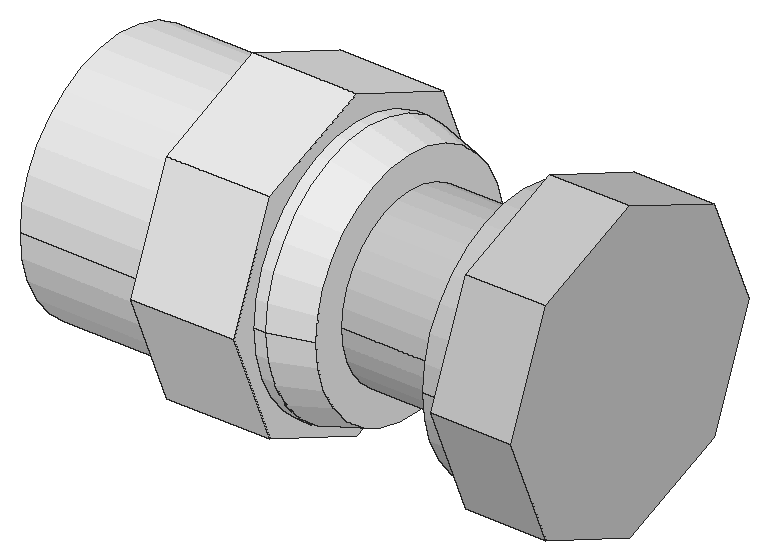
Revit family "PF_Соединение [фитинг полипропиленовый с накидной гайкой для перехода на «конус» VTp.708.K] - VALTEC", category Соединительные детали трубопроводов, Revit 2019
Family settings
  Размер круглого соединителя = Использовать диаметр
  Тип детали = Соединение
  На основе рабочей плоскости = Нет
  Всегда вертикально = Да
  При загрузке вырезать с полостями = Нет
  Общий = Нет
Parameters (values of type "VTp.708.K")
  Таблица = "PF_Соединение [фитинг полипропиленовый с накидной гайкой для перехода на «конус» VTp.708.K] - VALTEC"  # constant formula
  built-in parameter 1114238 [instance] = (empty or 0)
  Отразить [instance] = no
  Материал доп.1 = Сталь, нержавеющая - VALTEC
  Manufacturer = ""
  n [instance] = if(Отразить, 1 mm, 0 mm)  # 0 mm
  l7 [instance] = size_lookup(Таблица, "l7", 0 mm, n, d)  # 50 mm
  l6 [instance] = size_lookup(Таблица, "l6", 0 mm, n, d)  # 47 mm
  l5 [instance] = size_lookup(Таблица, "l5", 0 mm, n, d)  # 33.7 mm
  l4 [instance] = size_lookup(Таблица, "l4", 0 mm, n, d)  # 29 mm
  l3 [instance] = size_lookup(Таблица, "l3", 0 mm, n, d)  # 27.5 mm
  l2 [instance] = size_lookup(Таблица, "l2", 0 mm, n, d)  # 15.5 mm
  l1 [instance] = size_lookup(Таблица, "l1", 0 mm, n, d)  # 0 mm
  x2 [instance] = if(Отразить, dn2, 1 mm)  # 1 mm
  dn8 [instance] = size_lookup(Таблица, "dn8", 0 mm, n, d)  # 31.9 mm
  dn7 [instance] = size_lookup(Таблица, "dn7", 0 mm, n, d)  # 29.5 mm
  dn6 [instance] = size_lookup(Таблица, "dn6", 0 mm, n, d)  # 20 mm
  dn5 [instance] = size_lookup(Таблица, "dn5", 0 mm, n, d)  # 27.3 mm
  dn4 [instance] = size_lookup(Таблица, "dn4", 0 mm, n, d)  # 30 mm
  dn3 [instance] = size_lookup(Таблица, "dn3", 0 mm, n, d)  # 30 mm
  dn2 [instance] = size_lookup(Таблица, "dn2", 0 mm, n, d)  # 33 mm
  x1 [instance] = if(Отразить, 1 mm, dn2)  # 33 mm
  dn1 [instance] = size_lookup(Таблица, "dn1", 0 mm, n, d)  # 29 mm
  d [instance] = 20 mm
  a7 [instance] = size_lookup(Таблица, "a7", 0 mm, n, d)  # 9.3 mm
  a6 [instance] = size_lookup(Таблица, "a6", 0 mm, n, d)  # 3 mm
  a5 [instance] = size_lookup(Таблица, "a5", 0 mm, n, d)  # 13.3 mm
  a4 [instance] = size_lookup(Таблица, "a4", 0 mm, n, d)  # 4.7 mm
  a3 [instance] = size_lookup(Таблица, "a3", 0 mm, n, d)  # 1.5 mm
  a2 [instance] = size_lookup(Таблица, "a2", 0 mm, n, d)  # 12 mm
  a1 [instance] = size_lookup(Таблица, "a1", 0 mm, n, d)  # 15.2 mm
  URL = "https://valtec.ru/"
  B [instance] = size_lookup(Таблица, "B", 0 mm, n, d)  # 15.2 mm
  ADSK_Примечание [instance] = ""
  ADSK_Позиция [instance] = ""
  ADSK_Обозначение [instance] = "VTp.708.K"  # constant formula
  ADSK_Наименование [instance] = size_lookup(Таблица, "", "Данный типоразмер отсутствует", n, d)  # "Фитинг полипропиленовый с накидной гайкой для перехода на «конус», 20х3/4\""
  ADSK_Материал = Полипропилен - RGB 255 255 255
  ADSK_Масса [instance] = size_lookup(Таблица, "Масса", 0, n, d)  # 0.05
  ADSK_Марка [instance] = size_lookup(Таблица, "Маркировка", "Данный типоразмер отсутствует", n, d)  # "20х3/4\""
  ADSK_Код изделия [instance] = size_lookup(Таблица, "Код продукта", "Данный типоразмер отсутствует", n, d)  # "VTp.708.K.02004"
  ADSK_Завод-изготовитель [instance] = "VALTEC"  # constant formula
  ADSK_Единица измерения [instance] = "шт."  # constant formula
  ADSK_URL страницы изделия = "https://valtec.ru/catalog/sistemy_polipropilenovyh_truboprovodov/polipropilenovye_fitingi/fiting_polipropilenovyj_s_nakidnoj_gajkoj_dlya_perehoda_na_konus.html"
  ADSK_URL документации изделия = "https://valtec.ru/document/technical/VTp.700-fitingi-0419.pdf"
  A [instance] = size_lookup(Таблица, "A", 0 mm, n, d)  # 59 mm
Reference planes
  plane 1 "По центру (Вперед/Назад)": y = 0
  plane 2: z = 0
  plane 3 "По центру (Влево/Вправо)": x = 0
  plane 4: x = -29.5
  plane 5: x = 29.5
  plane 6: y = -16.5
  plane 7: y = 16.5
  plane 8: y = -0.5
  plane 9: y = 0.5
  plane 10: x = -29.5
  plane 11: x = -14.3
  plane 12: x = -14
  plane 13: x = -2
  plane 14: x = -2
  plane 15: x = -0.5
  plane 16: x = -0.5
  plane 17: x = 4.2
  plane 18: x = 4.2
  plane 19: x = 17.5
  plane 20: x = 17.5
  plane 21: x = 20.5
  plane 22: x = 20.5
  plane 23: x = 29.8
Forms (mm)
  Extrusion 1, solid, material "Полипропилен - RGB 255 255 255" <- "ADSK_Материал", detail levels medium+fine
    sketch origin (0, 0, 0) x (0, 1, 0) y (0, 0, 1)
      loop
        circle (0, 0) r 14.5
    from -29.5 to -14.3
  Extrusion 2, solid, material "Полипропилен - RGB 255 255 255" <- "ADSK_Материал", detail levels medium+fine
    sketch origin (0, 0, 0) x (0, 1, 0) y (0, 0, 1)
      loop
        circle (0, 0) r 15
    from -2 to -0.5
  Blend 3, solid, material "Полипропилен - RGB 255 255 255" <- "ADSK_Материал", detail levels medium+fine
    base sketch origin (0, 0, 0) x (0, 1, 0) y (0, 0, 1)
      loop
        circle (0, 0) r 15
    top sketch origin (0, 0, 0) x (0, 1, 0) y (0, 0, 1)
      loop
        circle (0, 0) r 13.65
    from -0.5 to 4.2
  Extrusion 4, solid, material "Сталь, нержавеющая - VALTEC" <- "Материал доп.1", detail levels medium+fine
    sketch origin (0, 0, 0) x (0, 1, 0) y (0, 0, 1)
      loop
        circle (0, 0) r 10
    from 4.2 to 17.5
  Extrusion 5, solid, material "Сталь, нержавеющая - VALTEC" <- "Материал доп.1", detail levels medium+fine
    sketch origin (0, 0, 0) x (0, 1, 0) y (0, 0, 1)
      loop
        circle (0, 0) r 14.75
    from 17.5 to 20.5
Cuts and joins
  joined: Extrusion 4, Extrusion 5
  joined: Extrusion 1, Extrusion 2, Blend 3
Lines and regions (mm)
  model lines, detail levels coarse
    curve 1: line (-29.5, 16.5, 0) -> (-29.5, -16.5, 0)
    curve 2: line (29.5, 0.5, 0) -> (29.5, -0.5, 0)
    curve 3: line (29.5, 0.5, 0) -> (-29.5, 16.5, 0)
    curve 4: line (-29.5, -16.5, 0) -> (29.5, -0.5, 0)
  reference lines
    curve 5: line (29.5, 0, 0) -> (-29.5, 0, 0)
Dimensions and locks
  equal spacing: plane 4, plane 3 "По центру (Влево/Вправо)", plane 5
  "A": plane 4 to plane 5
  equal spacing: plane 7, plane 1 "По центру (Вперед/Назад)", plane 6
  "x1": plane 7 to plane 6
  equal spacing: plane 8, plane 1 "По центру (Вперед/Назад)", plane 9
  "x2": plane 8 to plane 9
  "a1": plane 10 to plane 11
  "a2": plane 12 to plane 13
  "a3": plane 14 to plane 15
  "a4": plane 16 to plane 17
  "a5": plane 18 to plane 19
  "a6": plane 20 to plane 21
  "a7": plane 22 to plane 23
  "l1": plane 4 to plane 10
  "l2": plane 4 to plane 12
  "l3": plane 4 to plane 14
  "l4": plane 4 to plane 16
  "l5": plane 4 to plane 18
  "l6": plane 4 to plane 20
  "l7": plane 4 to plane 22
  "dn1": diameter of Extrusion 1 sketch curve
  "dn3": diameter of Extrusion 2 sketch curve
  "dn4": diameter of Blend 3 sketch curve
  "dn5": diameter of Blend 3 sketch curve
  "dn6": diameter of Extrusion 4 sketch curve
  "dn7": diameter of Extrusion 5 sketch curve
  aligned and locked: level to plane 2
  aligned and locked: plane 5 to curve 3
  aligned and locked: plane 9 to curve 2
  aligned and locked: plane 8 to curve 2
  aligned and locked: plane 4 to curve 4
  aligned and locked: plane 7 to curve 3
  aligned and locked: plane 6 to curve 1
  aligned and locked: curve 1 to plane 4
  aligned and locked: curve 5 to plane 1 "По центру (Вперед/Назад)"
  aligned and locked: plane 4 to curve 5
  aligned and locked: plane 5 to curve 5
  aligned and locked: plane 1 "По центру (Вперед/Назад)" to nested 1
  aligned and locked: plane 1 "По центру (Вперед/Назад)" to nested 2
  aligned and locked: plane 12 to nested 1
  aligned and locked: plane 22 to nested 2
  aligned and locked: level to Extrusion 1 sketch curve
  aligned and locked: plane 1 "По центру (Вперед/Назад)" to Extrusion 1 sketch curve
  aligned and locked: level to Extrusion 2 sketch curve
  aligned and locked: plane 1 "По центру (Вперед/Назад)" to Extrusion 2 sketch curve
  aligned and locked: Extrusion 1 to plane 10
  aligned and locked: Extrusion 1 to plane 11
  aligned and locked: plane 14 to Extrusion 2
  aligned and locked: Extrusion 2 to plane 15
  aligned and locked: level to Blend 3 sketch curve  (x2)
  aligned and locked: plane 1 "По центру (Вперед/Назад)" to Blend 3 sketch curve  (x2)
  aligned and locked: level to Extrusion 4 sketch curve
  aligned and locked: plane 1 "По центру (Вперед/Назад)" to Extrusion 4 sketch curve
  aligned and locked: Extrusion 4 to plane 19
  aligned and locked: plane 18 to Extrusion 4
  aligned and locked: plane 16 to Blend 3
  aligned and locked: Blend 3 to plane 17
  aligned and locked: level to Extrusion 5 sketch curve
  aligned and locked: plane 1 "По центру (Вперед/Назад)" to Extrusion 5 sketch curve
  aligned and locked: plane 20 to Extrusion 5
  aligned and locked: Extrusion 5 to plane 21
Nested families
  nested 1: "Гайка - горизонталь" at (-8, 0, 0), ADSK_Материал <- "ADSK_Материал", d <- "dn2", l <- "a2", type "Гайка - горизонталь", detail levels medium+fine
    with l 12 mm, d 33 mm, ADSK_Материал Полипропилен - RGB 255 255 255
  nested 2: "Гайка - горизонталь" at (25.15, 0, 0), d <- "dn8", l <- "a7", ADSK_Материал <- "Материал доп.1", type "Гайка - горизонталь", detail levels medium+fine
    with l 9.3 mm, d 31.9 mm, ADSK_Материал Сталь, нержавеющая - VALTEC
Connectors
  piping at (-29.5, 0, 0), diameter 20, driven by "d"
    settings: on curve 5, index 1, connector inside diameter 609.6 mm, connector length 0 mm, flow factor 0, pipe flow 0.0 L/s, pressure drop 0.0 Pa, fitting loss kfactor 0, connector angle 0.00°, fixture units 0, engagement length 0 mm, angle of deflection 0.00°, flow configuration 0, flow direction 0, fitting loss method 0, system type 28, joint type 0, gender type 0, connector reference index 2, connector utility 0, adjustable connector no, is connector primary yes, connector description ""
  piping at (29.5, 0, 0), diameter 20, driven by "d"
    settings: on curve 5, index 2, connector inside diameter 609.6 mm, connector length 0 mm, flow factor 0, pipe flow 0.0 L/s, pressure drop 0.0 Pa, fitting loss kfactor 0, connector angle 0.00°, fixture units 0, engagement length 0 mm, angle of deflection 0.00°, flow configuration 0, flow direction 0, fitting loss method 0, system type 28, joint type 0, gender type 0, connector reference index 1, connector utility 0, adjustable connector no, is connector primary no, connector description ""
Definition of nested family "Гайка - горизонталь"
  Parameters (values of type "Гайка - горизонталь")
    d [instance] = 588.881 mm
    l [instance] = 637.4 mm
    ADSK_Материал [instance] = none
  Reference planes
    plane 1 "По центру (Вперед/Назад)": y = 0
    plane 2: z = 0
    plane 3 "По центру (Влево/Вправо)": x = 0
    plane 4: y = 318.7
    plane 5: y = -318.7
    plane 6: through (0, -912.519, 2972.425) normal (0, -0.9239, -0.3827)
    plane 7: through (0, -1234.338, 2979.956) normal (0, -0.9239, -0.3827)
    plane 8: through (0, -1556.157, 2987.486) normal (0, -0.9239, -0.3827)
    plane 9: through (0, 1234.338, 2979.956) normal (0, -0.9239, 0.3827)
    plane 10: through (0, -2420.114, 1321.144) normal (0, -0.3827, -0.9239)
    plane 11: through (0, -2532.792, 1049.117) normal (0, -0.3827, -0.9239)
    plane 12: through (0, -2645.469, 777.089) normal (0, -0.3827, -0.9239)
    plane 13: through (0, 2420.114, 1321.144) normal (0, -0.3827, 0.9239)
    plane 14: through (0, 2532.792, 1049.117) normal (0, -0.3827, 0.9239)
    plane 15: through (0, 2645.469, 777.089) normal (0, -0.3827, 0.9239)
    plane 16: through (0, 912.519, 2972.425) normal (0, -0.9239, 0.3827)
    plane 17: through (0, 1234.338, 2979.956) normal (0, -0.9239, 0.3827)
    plane 18: through (0, 1556.157, 2987.486) normal (0, -0.9239, 0.3827)
    plane 19: x = 318.7
    plane 20: x = -318.7
  Forms (mm)
    Extrusion 1, solid, material <- "ADSK_Материал"
      sketch origin (0, 0, 0) x (0, 1, 0) y (0, 0, 1)
        loop
          line (0, 318.7) -> (-225.355, 225.355) -> (-318.7, 0) -> (-225.355, -225.355) -> (0, -318.7) -> (225.355, -225.355) -> (318.7, 0) -> (225.355, 225.355) -> (0, 318.7)
      from -318.7 to 318.7
  Lines and regions (mm)
    reference lines
      curve 1: line (0, -112.677, -272.027) -> (0, 112.677, 272.027)
      curve 2: line (0, -272.027, 112.677) -> (0, 272.027, -112.677)
  Dimensions and locks
    equal spacing: plane 4, plane 1 "По центру (Вперед/Назад)", plane 5
    locked: plane 4 to plane 5 at 637.4
    equal spacing: plane 8, plane 7, plane 6
    "d": plane 8 to plane 6
    equal spacing: plane 12, plane 11, plane 10
    "d": plane 12 to plane 10
    equal spacing: plane 15, plane 14, plane 13
    "d": plane 15 to plane 13
    equal spacing: plane 18, plane 17, plane 16
    "d": plane 18 to plane 16
    equal spacing: plane 20, plane 3 "По центру (Влево/Вправо)", plane 19
    "l": plane 20 to plane 19
    aligned and locked: level to plane 2
    aligned and locked: plane 10 to Extrusion 1 sketch curve
    aligned and locked: plane 13 to Extrusion 1 sketch curve
    aligned and locked: plane 16 to Extrusion 1 sketch curve
    aligned and locked: Extrusion 1 sketch curve to plane 8
    aligned and locked: Extrusion 1 sketch curve to plane 12
    aligned and locked: Extrusion 1 sketch curve to plane 15
    aligned and locked: Extrusion 1 sketch curve to plane 18
    aligned and locked: plane 6 to Extrusion 1 sketch curve
    aligned and locked: plane 19 to Extrusion 1
    aligned and locked: plane 20 to Extrusion 1
    aligned and locked: Extrusion 1 to plane 19
    aligned and locked: plane 16 to curve 2
    aligned and locked: plane 18 to curve 2
    aligned and locked: curve 2 to plane 11
    aligned and locked: plane 12 to curve 1
    aligned and locked: plane 10 to curve 1
    aligned and locked: curve 1 to plane 17
